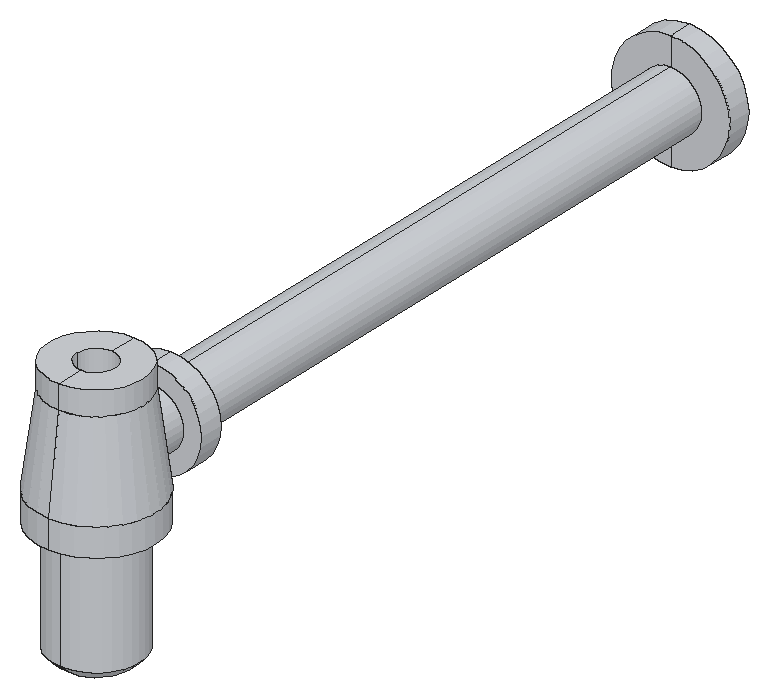
Revit family "719515551_Sifón Metálico Clásico", category Plumbing Fixtures, Revit 2019
Family settings
  Round Connector Dimension = Use Diameter
  Part Type = Normal
  OmniClass Number = 23.27.43.00
  OmniClass Title = Pipe Fittings
  Work Plane-Based = No
  Always vertical = Yes
  Cut with Voids When Loaded = No
  Shared = No
  Room Calculation Point = No
Parameters
  Material = none
Reference planes
  plane 1 "Center (Front/Back)": y = 0
  plane 2: z = 0
  plane 3 "Center (Left/Right)": x = 0
  plane 4 "Center L/S": y = -340
  plane 5: z = 0
Forms (mm)
  Revolve 1, solid, material <- "Material", detail levels medium+fine
    sketch origin (0, 0, 0) x (0, 1, 0) y (0, 0, 1)
      loop
        line (0, 0) -> (0, 25) -> (-10, 25) -> (-10, 13) -> (-275, 13) -> (-275, 21.006) -> (-285, 21.006) -> (-285, 13) -> (-295, 13)
        arc (-295, 13) -> (-298.415, 6.853) -> (-299.99, 0) r 25.102
        line (-299.99, 0) -> (0, 0)
      axis (0, 0) -> (-299.99, 0)
    angle from 0 to 360
  Revolve 2, solid, material <- "Material", detail levels medium+fine
    sketch origin (0, 0, 0) x (0, 1, 0) y (0, 0, 1)
      loop
        line (-314.751, 35.072) -> (-334.751, 35.072) -> (-334.751, 25.072) -> (-340, -13.984) -> (-340, -25.835) -> (-333.35, -25.835) -> (-333.35, -73.223)
        arc (-333.35, -73.223) -> (-325.003, -79.602) -> (-314.751, -81.896) r 24.482
        line (-314.751, -81.896) -> (-314.751, 35.072)
      axis (-314.751, -81.896) -> (-314.751, 35.072)
    angle from 0 to 360
  Extrusion 3, void
    sketch origin (0, 0, 0) x (1, 0, 0) y (0, 1, 0)
      loop
        circle (0, -314.751) r 8.21
    from 0 to 35.072
Cuts and joins
  Extrusion 3 cuts Revolve 2
Dimensions and locks
  aligned and locked: level to plane 2
  aligned and locked: nested 2 to cut or joined group of Revolve 2, Extrusion 3
Nested families
  nested 1: "planta1" at (0, 0, 0) x (0, 1, 0) z (0, 0, 1), type "planta1"
  nested 2: "Frontal" at (0, 0, 35.072) x (1, 0, 0) z (0, -1, 0), type "Frontal"
  nested 3: "right1" at (0, 0, 0) x (0, 1, 0) z (1, 0, 0), type "right1"
Connectors
  piping at (0, 0, 0), diameter 38.1
    settings: on Revolve 1, index 1, connector inside diameter 609.6 mm, connector length 0 mm, flow factor 0, pipe flow 0.0 L/s, pressure drop 0.0 Pa, fitting loss kfactor 0, connector angle 0.00°, fixture units 0, engagement length 0 mm, angle of deflection 0.00°, flow configuration 0, flow direction 0, fitting loss method 0, system type 16, joint type 0, gender type 0, connector reference index -1, connector utility 0, adjustable connector no, is connector primary yes, connector description ""
Definition of nested family "planta1"
  Reference planes
    plane 1 "Center (Front/Back)": y = 0
    plane 2: z = 0
    plane 3 "Center (Left/Right)": x = 0
  Lines and regions (mm)
    detail lines, in view "Ref. Level"
      curve 1: line (0, 0, 0) -> (0, 25, 0)
      curve 2: line (0, 25, 0) -> (-10, 25, 0)
      curve 3: line (-10, 25, 0) -> (-10, 12.969, 0)
      curve 4: line (-10, 12.969, 0) -> (-272.901, 12.969, 0)
      curve 5: line (-272.901, 12.969, 0) -> (-272.901, 21.172, 0)
      curve 6: line (-272.901, 21.172, 0) -> (-281.814, 21.172, 0)
      curve 7: line (-281.814, 21.172, 0) -> (-281.814, 14.657, 0)
      curve 8: line (-281.814, 14.657, 0) -> (-288.781, 14.657, 0)
      curve 9: circle (-311.624, 0, 0) r 15 normal (0, 0, 1)
      curve 10: circle (-311.624, 0, 0) r 22.869 normal (0, 0, 1)
      curve 11: arc (-288.781, 14.657, 0) -> (-338.766, 0, 0) -> (-288.781, -14.657, 0) r 27.142
      curve 12: line (0, 0, 0) -> (0, -25, 0)
      curve 13: line (0, -25, 0) -> (-10, -25, 0)
      curve 14: line (-10, -25, 0) -> (-10, -12.969, 0)
      curve 15: line (-10, -12.969, 0) -> (-272.901, -12.969, 0)
      curve 16: line (-272.901, -12.969, 0) -> (-272.901, -21.172, 0)
      curve 17: line (-272.901, -21.172, 0) -> (-281.814, -21.172, 0)
      curve 18: line (-281.814, -21.172, 0) -> (-281.814, -14.657, 0)
      curve 19: line (-281.814, -14.657, 0) -> (-288.781, -14.657, 0)
      curve 20: line (-281.814, 14.657, 0) -> (-281.814, -14.657, 0)
      curve 21: line (-272.901, 12.969, 0) -> (-272.901, -12.969, 0)
      curve 22: line (-10, 12.969, 0) -> (-10, -12.969, 0)
Definition of nested family "Frontal"
  Reference planes
    plane 1 "Center (Front/Back)": y = 0
    plane 2: z = 0
    plane 3 "Center (Left/Right)": x = 0
  Lines and regions (mm)
    detail lines, in view "Ref. Level"
      curve 1: line (0, 0, 0) -> (-18.896, 0, 0)
      curve 2: line (-18.896, -9.015, 0) -> (-18.896, 0, 0)
      curve 3: line (-18.896, -9.015, 0) -> (-23.534, -46.783, 0)
      curve 4: line (-23.534, -46.783, 0) -> (-23.534, -60.277, 0)
      curve 5: line (-23.534, -60.277, 0) -> (-18.534, -60.277, 0)
      curve 6: line (-18.534, -60.277, 0) -> (-18.534, -108.073, 0)
      curve 7: arc (-18.534, -108.073, 0) -> (-10.395, -114.814, 0) -> (0, -116.716, 0) r 20.913
      curve 8: line (0, 0, 0) -> (18.896, 0, 0)
      curve 9: line (18.896, -9.015, 0) -> (18.896, 0, 0)
      curve 10: line (18.896, -9.015, 0) -> (23.534, -46.783, 0)
      curve 11: line (23.534, -46.783, 0) -> (23.534, -60.277, 0)
      curve 12: line (23.534, -60.277, 0) -> (18.534, -60.277, 0)
      curve 13: line (18.534, -60.277, 0) -> (18.534, -108.073, 0)
      curve 14: arc (18.534, -108.073, 0) -> (10.395, -114.814, 0) -> (0, -116.716, 0) r 20.913
      curve 15: line (-18.896, -9.015, 0) -> (18.896, -9.015, 0)
      curve 16: line (-18.534, -60.277, 0) -> (18.534, -60.277, 0)
Definition of nested family "right1"
  Reference planes
    plane 1 "Center (Front/Back)": y = 0
    plane 2: z = 0
    plane 3 "Center (Left/Right)": x = 0
  Lines and regions (mm)
    detail lines, in view "Ref. Level"
      curve 1: line (-313.992, 34.453, 0) -> (-332.888, 34.453, 0)
      curve 2: line (-332.888, 25.439, 0) -> (-332.888, 34.453, 0)
      curve 3: line (-332.888, 25.439, 0) -> (-337.525, -12.33, 0)
      curve 4: line (-337.525, -12.33, 0) -> (-337.525, -25.824, 0)
      curve 5: line (-337.525, -25.824, 0) -> (-332.525, -25.824, 0)
      curve 6: line (-332.525, -25.824, 0) -> (-332.525, -73.62, 0)
      curve 7: arc (-332.525, -73.62, 0) -> (-324.387, -80.361, 0) -> (-313.992, -82.262, 0) r 20.913
      curve 8: line (-313.992, 34.453, 0) -> (-295.095, 34.453, 0)
      curve 9: line (-295.095, 25.439, 0) -> (-295.095, 34.453, 0)
      curve 10: line (-295.095, 25.439, 0) -> (-293.605, 13.3, 0)
      curve 11: line (-290.458, -13.3, 0) -> (-290.458, -25.824, 0)
      curve 12: line (-290.458, -25.824, 0) -> (-295.458, -25.824, 0)
      curve 13: line (-295.458, -25.824, 0) -> (-295.458, -73.62, 0)
      curve 14: arc (-295.458, -73.62, 0) -> (-303.596, -80.361, 0) -> (-313.992, -82.262, 0) r 20.913
      curve 15: line (-332.888, 25.439, 0) -> (-295.095, 25.439, 0)
      curve 16: line (-332.525, -25.824, 0) -> (-295.458, -25.824, 0)
      curve 17: line (-293.605, 13.3, 0) -> (-283.605, 13.3, 0)
      curve 18: line (-283.605, 13.3, 0) -> (-283.605, 20.805, 0)
      curve 19: line (-283.605, 20.805, 0) -> (-275, 20.805, 0)
      curve 20: line (-275, 20.805, 0) -> (-275, 13.3, 0)
      curve 21: line (-275, 13.3, 0) -> (-10, 13.3, 0)
      curve 22: line (-10, 13.3, 0) -> (-10, 23.3, 0)
      curve 23: line (-10, 23.3, 0) -> (0, 23.3, 0)
      curve 24: line (0, 23.3, 0) -> (0, 0, 0)
      curve 25: line (-290.458, -13.3, 0) -> (-283.605, -13.3, 0)
      curve 26: line (-283.605, -13.3, 0) -> (-283.605, -20.805, 0)
      curve 27: line (-283.605, -20.805, 0) -> (-275, -20.805, 0)
      curve 28: line (-275, -20.805, 0) -> (-275, -13.3, 0)
      curve 29: line (-275, -13.3, 0) -> (-10, -13.3, 0)
      curve 30: line (-10, -13.3, 0) -> (-10, -23.3, 0)
      curve 31: line (-10, -23.3, 0) -> (0, -23.3, 0)
      curve 32: line (0, -23.3, 0) -> (0, 0, 0)
      curve 33: arc (-293.605, 13.3, 0) -> (-299.103, -2, 0) -> (-290.458, -15.768, 0) r 18.579
      curve 34: line (-283.605, 13.3, 0) -> (-283.605, -13.3, 0)
      curve 35: line (-275, -13.3, 0) -> (-275, 13.3, 0)
      curve 36: line (-10, 13.3, 0) -> (-10, -13.3, 0)
